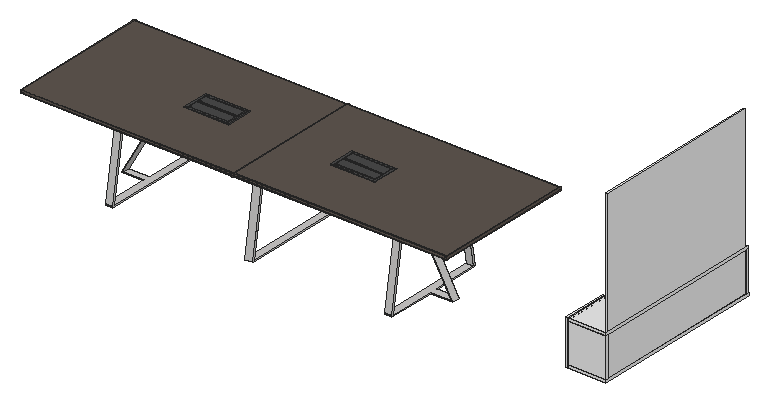
Revit family "T400149", category Furniture, Revit 2018 (continued)
Definition of nested family "FIRST OFFICE_INTERMIX_TOPS_RECTANGULAR"
  Forms (in)
    Sweep 5, solid, material <- "EDGE SHAPE", visible <- "TWO PIECE"
      path origin (7.99831, -1.99832, 28.8125) x (0, -1, 0) y (1, 0, 0)
        loop
          line (-19.99832, -7.99831) -> (-19.99832, 28.00169) -> (16.00168, 28.00169) -> (16.00168, -7.99831)
      profile origin (36, 0, 28.8125) x (1, 0, 0) y (0, 0, 1)
        loop
          line (0, 0.125) -> (0, 1)
          arc (0, 1) -> (-0.03661, 1.08839) -> (-0.125, 1.125) r 0.125
          line (-0.125, 1.125) -> (-0.125, 0)
          arc (-0.125, 0) -> (-0.03661, 0.03661) -> (0, 0.125) r 0.125
    Extrusion 6, solid, material <- "TOP CORE", visible <- "TWO PIECE"
      sketch origin (7.99831, -1.99832, 28.8125) x (0, -1, 0) y (1, 0, 0)
        loop
          line (15.87668, 27.87669) -> (-19.87332, 27.87669) -> (-19.87332, -7.99831) -> (15.87668, -7.99831) -> (15.87668, 27.87669)
      from 0 to 1.125
  Lines and regions (in)
    Masking region 1, visible <- "ONE PIECE"
      outline origin (0, 0, 0) x (1, 0, 0) y (0, 1, 0)
        loop
          line (-36.00169, 18.00168) -> (-36.00169, -17.99832) -> (35.99831, -17.99832) -> (35.99831, 18.00168) -> (-36.00169, 18.00168)
    Masking region 2, visible <- "TWO PIECE"
      outline origin (0, -2, 0) x (1, 0, 0) y (0, 1, 0)
        loop
          line (-36.00169, 20) -> (-36.00169, -16) -> (0, -16) -> (0, 20) -> (-36.00169, 20)
    Masking region 3, visible <- "TWO PIECE"
      outline origin (7.99831, -1.99832, 0) x (-1, 0, 0) y (0, -1, 0)
        loop
          line (-28.00169, 16.00168) -> (-28.00169, -19.99832) -> (7.99831, -19.99832) -> (7.99831, 16.00168) -> (-28.00169, 16.00168)
  Dimensions and locks (in)
    equal spacing: plane 4 "LEFT", plane 3 "Center Left/Right", plane 5 "RIGHT"
    "TOP WIDTH": plane 4 "LEFT" to plane 5 "RIGHT"
    "THICKNESS": plane 6 "SURFACE TOP" to plane 7 "BASE HEIGHT"
    locked: plane 7 "BASE HEIGHT" to plane 2 at 28.8125
    equal spacing: plane 9 "FRONT", plane 1 "Center Front/Back", plane 8 "BACK"
    "TOP DEPTH": plane 8 "BACK" to plane 9 "FRONT"
    aligned and locked: Extrusion 2 to plane 7 "BASE HEIGHT"
    aligned and locked: plane 6 "SURFACE TOP" to Extrusion 2
    aligned and locked: profile plane to Sweep 1 sketch curve  (x2)
    aligned and locked: plane 6 "SURFACE TOP" to Sweep 1 sketch curve
    aligned and locked: Extrusion 2 to Sweep 1  (x4)
    aligned and locked: profile plane to Sweep 3 sketch curve  (x2)
    aligned and locked: Extrusion 4 to Sweep 3  (x3)
    aligned: Extrusion 4 to Sweep 3  (x2)
    aligned and locked: plane 3 "Center Left/Right" to Extrusion 4
    aligned and locked: plane 4 "LEFT" to Sweep 3 sketch curve
    aligned and locked: plane 3 "Center Left/Right" to Masking region 2
    aligned and locked: profile plane to Sweep 5 sketch curve  (x2)
    aligned: Sweep 5 to Extrusion 6  (x3)
    aligned and locked: Extrusion 6 to plane 3 "Center Left/Right"
    aligned and locked: Masking region 3 to plane 3 "Center Left/Right"
    aligned and locked: plane 5 "RIGHT" to Masking region 3
    aligned and locked: Sweep 5 sketch curve to plane 5 "RIGHT"
    aligned and locked: plane 3 "Center Left/Right" to Sweep 5 sketch curve
    aligned and locked: Extrusion 6 to Sweep 5 sketch curve
    aligned and locked: Extrusion 6 to Sweep 5  (x3)
    aligned and locked: plane 8 "BACK" to Masking region 2 sketch curve
    aligned and locked: plane 9 "FRONT" to Masking region 2 sketch curve
    aligned and locked: Sweep 3 sketch curve to plane 8 "BACK"
    aligned and locked: Sweep 3 sketch curve to plane 9 "FRONT"
    aligned and locked: plane 8 "BACK" to Masking region 3 sketch curve
    aligned and locked: plane 9 "FRONT" to Masking region 3 sketch curve
    aligned and locked: Sweep 5 sketch curve to plane 8 "BACK"
    aligned and locked: Sweep 5 sketch curve to plane 9 "FRONT"
    aligned and locked: plane 6 "SURFACE TOP" to Sweep 3 sketch curve
    aligned and locked: plane 6 "SURFACE TOP" to Extrusion 4
    aligned and locked: plane 6 "SURFACE TOP" to Sweep 5 sketch curve
    aligned and locked: plane 6 "SURFACE TOP" to Extrusion 6
  Automatic sketch dimensions
    Sweep 1 sketch curve to plane 4 "LEFT" = 0' - 0"
    plane 9 "FRONT" to Sweep 1 sketch curve = 0' - 0"
    Sweep 1 sketch curve to plane 5 "RIGHT" = 0' - 0"
    Sweep 1 sketch curve to plane 8 "BACK" = 0' - 0"
    Sweep 1 sketch curve to plane 7 "BASE HEIGHT" = 0' - 0"
    profile plane to Sweep 1 sketch curve = 0' - 0 1/8"  (x2)
    Sweep 1 sketch curve to Sweep 1 sketch curve = 0' - 0"  (x2)
    Extrusion 2 sketch curve to plane 9 "FRONT" = 0' - 0 1/8"
    Extrusion 2 sketch curve to plane 8 "BACK" = 0' - 0 1/8"
    Extrusion 2 sketch curve to plane 5 "RIGHT" = 0' - 0 1/8"
    plane 4 "LEFT" to Extrusion 2 sketch curve = 0' - 0 1/8"
    Masking region 1 sketch curve to plane 4 "LEFT" = 0' - 0.00169"
    Masking region 1 sketch curve to plane 5 "RIGHT" = 0' - 0.00169"
    Masking region 1 sketch curve to plane 9 "FRONT" = 0' - 0.00168"
    plane 8 "BACK" to Masking region 1 sketch curve = 0' - 0.00168"
    Sweep 3 sketch curve to plane 3 "Center Left/Right" = 0' - 0"  (x2)
    profile plane to Sweep 3 sketch curve = 0' - 0 1/8"
    Extrusion 4 sketch curve to plane 3 "Center Left/Right" = 0' - 0"
    plane 4 "LEFT" to Extrusion 4 sketch curve = 0' - 0 1/8"
    Extrusion 4 sketch curve to plane 9 "FRONT" = 0' - 0 1/8"
    Extrusion 4 sketch curve to plane 9 "FRONT" = 2' - 11 7/8"
    Masking region 2 sketch curve to plane 3 "Center Left/Right" = 0' - 0"
    Masking region 2 sketch curve to plane 4 "LEFT" = 0' - 0.00169"
    profile plane to Sweep 5 sketch curve = 0' - 0 1/8"
    Extrusion 6 sketch curve to plane 5 "RIGHT" = 0' - 0 1/8"
    Extrusion 6 sketch curve to plane 9 "FRONT" = 2' - 11 7/8"
    plane 3 "Center Left/Right" to Extrusion 6 sketch curve = 0' - 0"
    Extrusion 6 sketch curve to Extrusion 6 sketch curve = 2' - 11 3/4"
    plane 5 "RIGHT" to Masking region 3 sketch curve = 0' - 0"
    plane 3 "Center Left/Right" to Masking region 3 sketch curve = 0' - 0"
